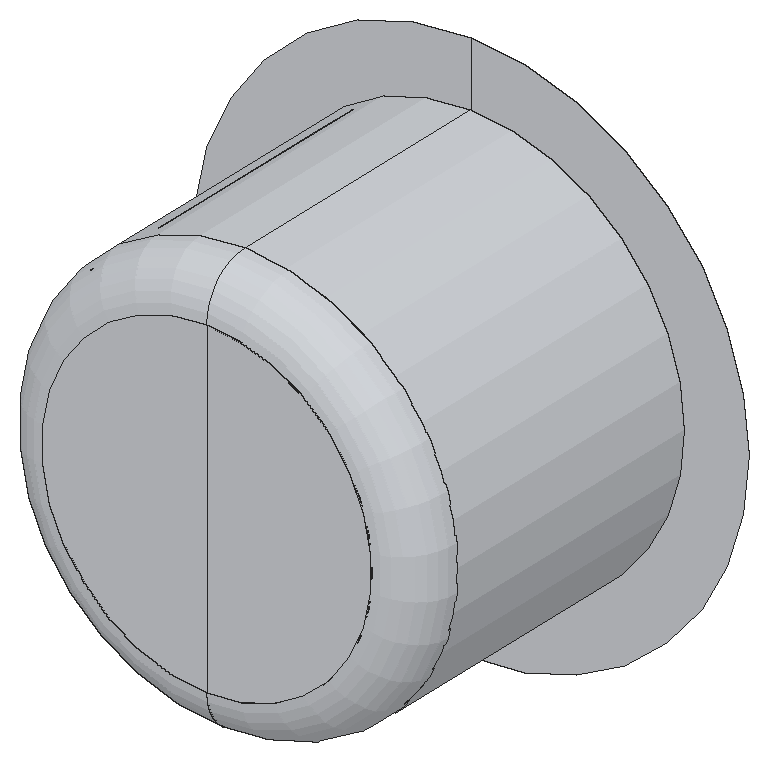
Revit family "AX6864E115_0006", category Appareils sanitaires, Revit 2016
Family settings
  Hôte = Mur
  Type d'élément = Normal
  Cote de connecteur circulaire = Utiliser le diamètre
  Numéro OmniClass = 23.75.00.00
  Titre OmniClass = Climate Control (HVAC)
  Toujours verticalement = Oui
  Couper avec des vides une fois chargée = Non
  Partagée = Non
  Point de calcul de pièce = Non
Parameters (values of type "Type 1")
  URL = "http://www.axeuro.com/fr/porte-rouleaux-de-papier-toilette/25419-porte-rouleau-de-papier-toilette-ax6864e115.html?search_query=ax6864e115&results=1"
  Modèle = "AX6864E115"  # constant formula
  Matériaux = "En inox 304 (18/10) Bactériostatique"  # constant formula
  Finition = "Brossé Poli Satiné HyperPolish"  # constant formula
  Fabricant = "Axeuro"  # constant formula
  Description = "Porte rouleau de papier toilette"  # constant formula
Reference planes
  plane 1 "Mur": y = 0
  plane 2 "Centre (gauche/droite)": x = 0
  plane 3 "Arrière": y = 75
Forms (mm)
  Revolve 1, solid
    sketch origin (0, -187.682, 0) x (0, 1, 0) y (0, 0, 1)
      loop
        line (152.682, 1583.777) -> (154.382, 1583.777) -> (154.382, 1638.777)
        arc (154.382, 1638.777) -> (158.571, 1648.889) -> (168.682, 1653.077) r 14.3
        line (168.682, 1653.077) -> (264.382, 1653.077) -> (264.382, 1667.733)
        arc (264.382, 1667.733) -> (265.712, 1661.338) -> (265.982, 1654.811) r 39.966
        line (265.982, 1654.811) -> (267.684, 1654.811)
        arc (267.684, 1654.811) -> (266.628, 1665.881) -> (262.682, 1676.277) r 41.666
        line (262.682, 1676.277) -> (262.682, 1654.777) -> (168.682, 1654.777)
        arc (168.682, 1654.777) -> (157.369, 1650.091) -> (152.682, 1638.777) r 16
        line (152.682, 1638.777) -> (152.682, 1583.777)
      axis (152.682, 1583.777) -> (267.684, 1583.777)
    angle from 0 to 360
  Revolve 2, void
    sketch origin (0, 0, 0) x (0, 1, 0) y (0, 0, 1)
      loop
        line (80.001, 1654.811) -> (-18.965, 1654.811)
        arc (-18.965, 1654.811) -> (-30.302, 1650.115) -> (-34.999, 1638.777) r 16.034
        line (-34.999, 1638.777) -> (-34.999, 1583.777) -> (80.001, 1583.777) -> (80.001, 1654.811)
      axis (80.001, 1583.777) -> (-34.999, 1583.777)
    angle from 0 to 360
Text (mm)
  text "Côté de la mise en place" at (-1820.995, 1116.779, 0), in view "Niveau de réf."
  text "Côté de la mise en place" at (0, 1334.055, 2976.191), in view "Gauche"
  text "Côté de la mise en place" at (0, 439.194, 2944.362), in view "Droite"
Dimensions and locks
  locked: plane 3 "Arrière" to host wall
  aligned and locked: plane 1 "Mur" to host wall
